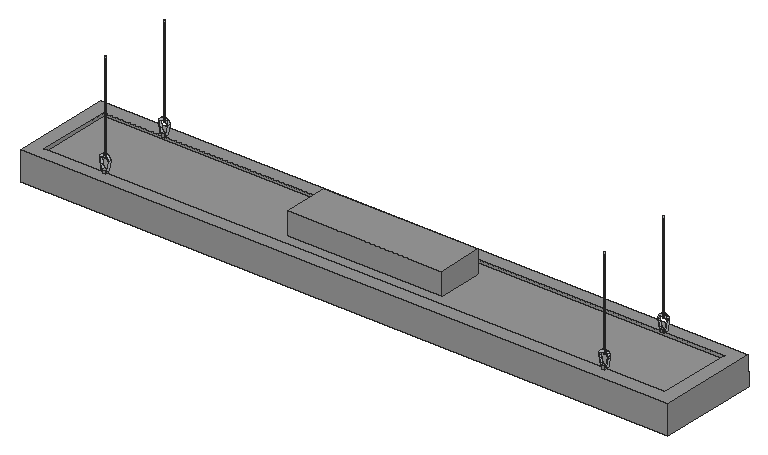
Revit family "HEFTY_4000K_14100LM_92W", category Lighting Fixtures, host Ceiling, Revit 2021
Family settings
  Host = Ceiling
  Round Connector Dimension = Use Diameter
  Part Type = Normal
  OmniClass Number = 23.80.70.11
  OmniClass Title = Luminaries for Internal Lighting
  Always vertical = Yes
  Cut with Voids When Loaded = No
  Light Source = Yes
  Shared = No
  Room Calculation Point = No
Parameters (values of type "Type 1")
  Wattage = 94.9227 W
  built-in parameter 1150110 = 1 (stored number, unit not read)
  Type de lampe = "LED Mid Power"
  Type = "Luminaire industriel"
  built-in parameter 1114217 = 1 (stored number, unit not read)
  Tilt Angle = 90.00°
  Tension = "AC 220-240V"
  built-in parameter 1150109 = 1 (stored number, unit not read)
  built-in parameter 1150134 = 12
  built-in parameter 1150113 = 1 (stored number, unit not read)
  SDCM = "<3"
  Puissance nominale = "92W"
  Poids = "6 kg"
  Photometric Web File = "google_eulumdat_converter (6).ies"
  Matériau = "Acier galvanisé blanc"
  Maintien du flux = "L80B10 (50 000 heures)"
  Lumens = 14100 lm
  built-in parameter 1150115 = 1 (stored number, unit not read)
  built-in parameter 1150105 = 1122 (stored number, unit not read)
  built-in parameter 1150137 = (empty or 0)
  built-in parameter 1150139 = (empty or 0)
  built-in parameter 1150112 = 1 (stored number, unit not read)
  built-in parameter 1150114 = 1 (stored number, unit not read)
  built-in parameter 1150132 = 2
  built-in parameter 1150102 = (empty or 0)
  built-in parameter 1150138 = (empty or 0)
  built-in parameter 1150107 = 4000 (stored number, unit not read)
  built-in parameter 1150106 = 11.22 (stored number, unit not read)
  IRC = ">80"
  Emit from Rectangle Width = 609.6 mm
  Emit from Rectangle Length = 1219.2 mm
  Emit Shape Visible in Rendering = no
  built-in parameter 1150104 = 13.8 (stored number, unit not read)
  Durée de vie = "50 000 heures"
  Driver = "Driver Osram"
  Dimming Lamp Color Temperature Shift = <None>
  Dimensions = "1220x190x90 mm"
  Diffuseur = "Polycarbonate transparent"
  Default Elevation = 0 mm
  Color Filter = 16777215
  built-in parameter 1114218 = 1 (stored number, unit not read)
  built-in parameter 1150133 = 10 (stored number, unit not read)
  Angle d'éclairage = "35°"
Reference planes
  plane 1 "Light Source Axis (F/B)": y = 0
  plane 2: z = 0
  plane 3 "Light Source Axis (L/R)": x = 0
  plane 4 "Ceiling": z = 4000
  plane 5 "Light Source Elevation": z = 3750
Forms (mm)
  Extrusion 1, solid, material "Steel, Galvanized"
    sketch origin (0, 0, 4000) x (0, 1, 0) y (-1, 0, 0)
      loop
        line (95, 610) -> (-95, 610) -> (-95, -610) -> (95, -610) -> (95, 610)
      loop
        line (70, 585) -> (-70, 585) -> (-70, -585) -> (70, -585) -> (70, 585)
    from -250 to -196.102
  Extrusion 2, solid, material "Steel, Galvanized"
    sketch origin (0, 0, 4000) x (0, 1, 0) y (-1, 0, 0)
      loop
        line (70, 585) -> (-70, 585) -> (-70, -585) -> (70, -585) -> (70, 585)
    from -201.474 to -207.22
  Extrusion 3, solid, material "Steel, Galvanized"
    sketch origin (0, 0, 4000) x (0, 1, 0) y (-1, 0, 0)
      loop
        line (43.191, 147.964) -> (-41.809, 147.964) -> (-41.809, -142.036) -> (43.191, -142.036) -> (43.191, 147.964)
    from -207.22 to -160
  Extrusion 4, solid, material "Steel, Galvanized"
    sketch origin (195.234, -0.407, 4000) x (0, -1, 0) y (1, 0, 0)
      loop
        line (71.862, 277.481) -> (66.862, 277.481) -> (66.862, 272.481) -> (71.862, 272.481) -> (71.862, 277.481)
    from -196.102 to -190.59
  Extrusion 5, solid
    sketch origin (195.234, -0.407, 0) x (-1, 0, 0) y (0, 0, -1)
      loop
        line (-273.652, -3806.915) -> (-276.521, -3806.915) -> (-281.412, -3807.954) -> (-284.54, -3827.708)
        arc (-284.54, -3827.708) -> (-274.506, -3835.045) -> (-266.484, -3825.549) r 9.115
        line (-266.484, -3825.549) -> (-270.251, -3807.826) -> (-273.652, -3806.915)
      loop
        line (-274.011, -3807.991) -> (-276.306, -3807.991) -> (-279.848, -3808.744) -> (-282.81, -3827.45)
        arc (-282.81, -3827.45) -> (-274.423, -3831.527) -> (-267.537, -3825.237) r 8.303
        line (-267.537, -3825.237) -> (-271.034, -3808.788) -> (-274.011, -3807.991)
    from 67.418 to 71.074
  Extrusion 6, solid, material "Glass, White, High Luminance"
    sketch origin (0, 0, 4000) x (0, 1, 0) y (-1, 0, 0)
      loop
        line (70, 585) -> (-70, 585) -> (-70, -585) -> (70, -585) -> (70, 585)
    from -250 to -245.079
  Extrusion 7, solid
    sketch origin (195.234, -0.407, 4000) x (0, -1, 0) y (1, 0, 0)
      loop
        circle (68.947, 275) r 1.348
    from -170.446 to 0
  Extrusion 8, solid, material "Steel, Galvanized"
    sketch origin (195.234, 0.407, 4000) x (0, -1, 0) y (1, 0, 0)
      loop
        line (-71.862, 277.481) -> (-71.862, 272.481) -> (-66.862, 272.481) -> (-66.862, 277.481) -> (-71.862, 277.481)
    from -196.102 to -190.59
  Extrusion 9, solid
    sketch origin (195.234, 0.407, 0) x (-1, 0, 0) y (0, 0, 1)
      loop
        line (-273.652, 3806.915) -> (-270.251, 3807.826) -> (-266.484, 3825.549)
        arc (-266.484, 3825.549) -> (-274.506, 3835.045) -> (-284.54, 3827.708) r 9.115
        line (-284.54, 3827.708) -> (-281.412, 3807.954) -> (-276.521, 3806.915) -> (-273.652, 3806.915)
      loop
        line (-274.011, 3807.991) -> (-271.034, 3808.788) -> (-267.537, 3825.237)
        arc (-267.537, 3825.237) -> (-274.423, 3831.527) -> (-282.81, 3827.45) r 8.303
        line (-282.81, 3827.45) -> (-279.848, 3808.744) -> (-276.306, 3807.991) -> (-274.011, 3807.991)
    from 67.418 to 71.074
  Extrusion 10, solid
    sketch origin (195.234, 0.407, 4000) x (0, -1, 0) y (1, 0, 0)
      loop
        circle (-68.947, 275) r 1.348
    from -170.446 to 0
  Extrusion 11, solid, material "Steel, Galvanized"
    sketch origin (-195.234, 0.407, 4000) x (0, 1, 0) y (-1, 0, 0)
      loop
        line (71.862, 277.481) -> (66.862, 277.481) -> (66.862, 272.481) -> (71.862, 272.481) -> (71.862, 277.481)
    from -196.102 to -190.59
  Extrusion 12, solid
    sketch origin (-195.234, 0.407, 0) x (1, 0, 0) y (0, 0, -1)
      loop
        line (-273.652, -3806.915) -> (-276.521, -3806.915) -> (-281.412, -3807.954) -> (-284.54, -3827.708)
        arc (-284.54, -3827.708) -> (-274.506, -3835.045) -> (-266.484, -3825.549) r 9.115
        line (-266.484, -3825.549) -> (-270.251, -3807.826) -> (-273.652, -3806.915)
      loop
        line (-274.011, -3807.991) -> (-276.306, -3807.991) -> (-279.848, -3808.744) -> (-282.81, -3827.45)
        arc (-282.81, -3827.45) -> (-274.423, -3831.527) -> (-267.537, -3825.237) r 8.303
        line (-267.537, -3825.237) -> (-271.034, -3808.788) -> (-274.011, -3807.991)
    from 67.418 to 71.074
  Extrusion 13, solid
    sketch origin (-195.234, 0.407, 4000) x (0, 1, 0) y (-1, 0, 0)
      loop
        circle (68.947, 275) r 1.348
    from -170.446 to 0
  Extrusion 14, solid, material "Steel, Galvanized"
    sketch origin (-195.234, -0.407, 4000) x (0, 1, 0) y (-1, 0, 0)
      loop
        line (-71.862, 277.481) -> (-71.862, 272.481) -> (-66.862, 272.481) -> (-66.862, 277.481) -> (-71.862, 277.481)
    from -196.102 to -190.59
  Extrusion 15, solid
    sketch origin (-195.234, -0.407, 0) x (1, 0, 0) y (0, 0, 1)
      loop
        line (-273.652, 3806.915) -> (-270.251, 3807.826) -> (-266.484, 3825.549)
        arc (-266.484, 3825.549) -> (-274.506, 3835.045) -> (-284.54, 3827.708) r 9.115
        line (-284.54, 3827.708) -> (-281.412, 3807.954) -> (-276.521, 3806.915) -> (-273.652, 3806.915)
      loop
        line (-274.011, 3807.991) -> (-271.034, 3808.788) -> (-267.537, 3825.237)
        arc (-267.537, 3825.237) -> (-274.423, 3831.527) -> (-282.81, 3827.45) r 8.303
        line (-282.81, 3827.45) -> (-279.848, 3808.744) -> (-276.306, 3807.991) -> (-274.011, 3807.991)
    from 67.418 to 71.074
  Extrusion 16, solid
    sketch origin (-195.234, -0.407, 4000) x (0, 1, 0) y (-1, 0, 0)
      loop
        circle (-68.947, 275) r 1.348
    from -170.446 to 0
Lines and regions (mm)
  reference lines
    curve 1: line (0, 0, 4000) -> (325, 0, 4000)
    curve 2: line (0, 0, 4000) -> (-325, 0, 4000)
    curve 3: line (-325, 0, 4000) -> (-325, 95, 4000)
    curve 4: line (-325, 95, 4000) -> (325, 95, 4000)
    curve 5: line (325, 95, 4000) -> (325, -95, 4000)
    curve 6: line (325, -95, 4000) -> (-325, -95, 4000)
    curve 7: line (-325, -95, 4000) -> (-325, 0, 4000)
    curve 8: line (0, 0, 4000) -> (225, 0, 4000)
    curve 9: line (225, 0, 4000) -> (225, -70, 4000)
    curve 10: line (225, -70, 4000) -> (-275, -70, 4000)
    curve 11: line (-275, 70, 4000) -> (225, 70, 4000)
    curve 12: line (-325, 0, 4000) -> (-300, 0, 4000)
    curve 13: line (-300, 0, 4000) -> (-300, 5, 4000)
    curve 14: line (325, 0, 4000) -> (300, 0, 4000)
    curve 15: line (0, 0, 3750) -> (0, 0, 3840)
    curve 16: line (0, 0, 4000) -> (610, 0, 4000)
    curve 17: line (610, 0, 4000) -> (610, 25, 4000)
    curve 18: line (0, 0, 4000) -> (-610, 0, 4000)
    curve 19: line (0, -70, 4000) -> (470, -70, 4000)
    curve 20: line (470, -70, 4000) -> (470, -55, 4000)
Dimensions and locks
  equal spacing: host sketch curve, plane 3 "Light Source Axis (L/R)", host sketch curve
  equal spacing: host sketch curve, plane 1 "Light Source Axis (F/B)", host sketch curve
  host sketch curve to host sketch curve = 4000 mm  (x2)
  plane 4 "Ceiling" to host ceiling = 0 mm
  aligned and locked: plane 3 "Light Source Axis (L/R)" to imposter light
  aligned and locked: plane 1 "Light Source Axis (F/B)" to imposter light
  aligned and locked: plane 5 "Light Source Elevation" to imposter light
